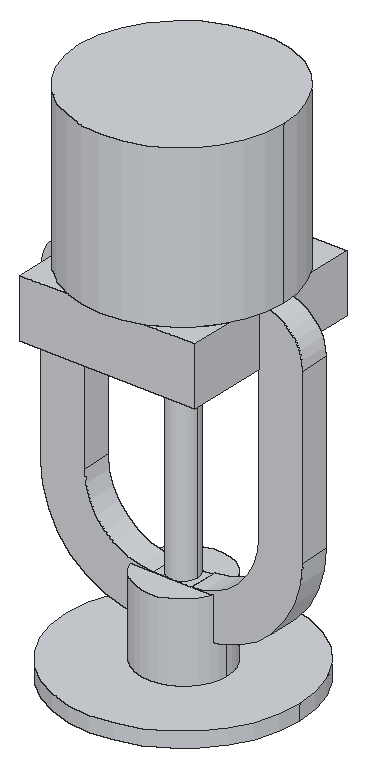
Revit family
Parameters (values of type "RASCO F156-300 PENDENT")
  Temperature Rating = 200 °F
  Response = (empty or 0)
  RASCO SIN # = "RA2514"
  RASCO Part # = "F56P2B3"
  Pressure Rating = "300 PSI"
  Pressure Class = 1
  Orifice Size = 1/2"
  Orifice = (empty or 0)
  Model = "F156-300"
  Manufacturer = "RASCO"
  K-Factor = 5.6
  Description = "Bronze Finish"
  Coverage = (empty or 0)
Reference planes (in)
  plane 1 "Center (Front/Back)": y = 0
  plane 2: z = 0
  plane 3 "Center (Left/Right)": x = 0
Dimensions and locks (in)
  aligned and locked: plane 2 to level
Nested families (in)
  nested 1: "F56P2B3" at (-0.0113, 0, 2.4375) x (-1, 0, 0) z (0, 0, -1), type "RASCO F156-300 PENDENT"
Connectors (in)
  piping at (-0.0113, 0, 2.4375)
    settings: on nested 1, index 1, connector radius 55/128", flow factor 0, pipe flow 0 GPM, pressure drop 0.00 psi, fitting loss kfactor 0, connector angle 0.00°, fixture units 0, flow configuration 0, flow direction 0, fitting loss method 0, system type 7, connector reference index -1, connector utility 0, adjustable connector no, is connector primary yes, fitting loss table "", connector description ""
Definition of nested family "F56P2B3"
  Parameters (values of type "RASCO F156-300 PENDENT")
    Type Comments = ""
    Temperature Rating = 0 °F
    Response = (empty or 0)
    Pressure Rating = "0"
    Pressure Class = (empty or 0)
    Orifice Size = 0"
    Orifice = (empty or 0)
    Model = ""
    Manufacturer = ""
    K-Factor = 0
    Description = ""
    Coverage = (empty or 0)
    Assembly Code = ""
  Reference planes (in)
    plane 1 "Center (Front/Back)": y = 0
    plane 2: z = 0
    plane 3 "ref.2": z = 0.6875
    plane 4 "ref.3": z = 0.9375
    plane 5: x = -0.38065
    plane 6: x = 0.36935
    plane 7 "ref. side 1": y = 0.06402
    plane 8 "ref. side 2": y = -0.06098
    plane 9 "ref.4": z = 1.875
    plane 10 "ref.5": z = 2.3125
    plane 11 "ref.6": z = 2.4375
  Forms (in)
    Extrusion 1, solid
      sketch origin (0, 0, 0) x (1, 0, 0) y (0, 1, 0)
        loop
          circle (0, 0) r 0.4379
      from 0 to 0.6875
    Extrusion 2, solid
      sketch origin (-0.12185, 0.05177, 0.6875) x (1, 0, 0) y (0, 1, 0)
        loop
          line (-0.2588, 0.356) -> (-0.2588, -0.4565) -> (0.4912, -0.4565) -> (0.4912, 0.356) -> (-0.2588, 0.356)
      from 0 to 0.25
    Extrusion 3, solid
      sketch origin (0, 0, 0) x (1, 0, 0) y (0, 0, 1)
        loop
          line (-0.38065, 0.68754) -> (-0.38065, 1.58397)
          arc (-0.38065, 1.58397) -> (-0.29541, 1.78976) -> (-0.08962, 1.875) r 0.29103
          line (-0.08962, 1.875) -> (0.07524, 1.875)
          arc (0.07524, 1.875) -> (0.28321, 1.78886) -> (0.36935, 1.58089) r 0.29411
          line (0.36935, 1.58089) -> (0.36935, 0.68751)
          arc (0.36935, 0.68751) -> (0.50207, 0.74393) -> (0.55685, 0.87734) r 0.18984
          line (0.55685, 0.87734) -> (0.55685, 1.61676)
          arc (0.55685, 1.61676) -> (0.42629, 1.93194) -> (0.11111, 2.0625) r 0.44574
          line (0.11111, 2.0625) -> (-0.12259, 2.0625)
          arc (-0.12259, 2.0625) -> (-0.43765, 1.932) -> (-0.56815, 1.61694) r 0.44556
          line (-0.56815, 1.61694) -> (-0.56815, 0.87876)
          arc (-0.56815, 0.87876) -> (-0.51345, 0.74486) -> (-0.38065, 0.68754) r 0.19126
      from -0.06402 to 0.06098
    Extrusion 4, solid
      sketch origin (0, 0, 0.9375) x (-1, 0, 0) y (0, -1, 0)
        loop
          circle (0.00574, -0.00152) r 0.0625
      from 0 to 0.9375
    Extrusion 5, solid
      sketch origin (0, 0, 1.875) x (-1, 0, 0) y (0, -1, 0)
        loop
          circle (0.00574, -0.00152) r 0.1875
      from 0 to 0.4375
    Extrusion 6, solid
      sketch origin (0, 0, 2.3125) x (0, -1, 0) y (1, 0, 0)
        loop
          circle (-0.00152, -0.00574) r 0.5
      from -0.10531 to -0.03987
  Cuts and joins
    joined: Extrusion 1, Extrusion 2, Extrusion 4
  Lines and regions (in)
    model lines
      curve 1: line (-0.00574, 0.06402, 1.875) -> (-0.00574, -0.06098, 1.875)
